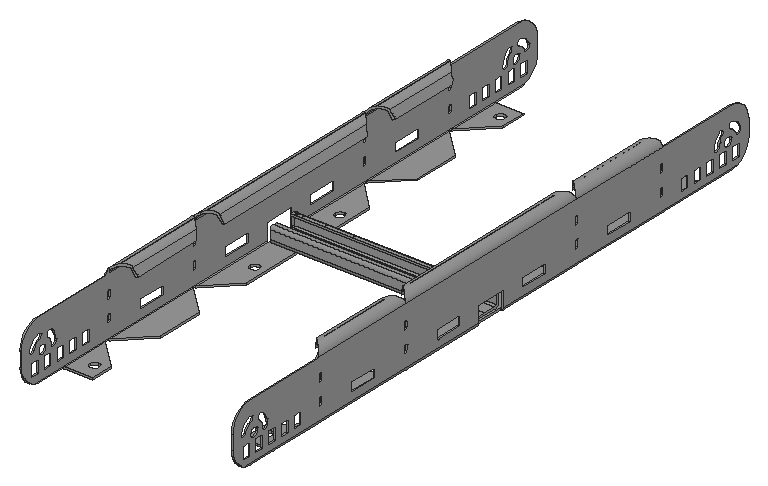
Revit family "Multifunktionsverbinder - LMFV 660 FS", category Generic Models, Revit 2017 (continued)
Dimensions and locks
  locked: cut or joined group 1 (Extrusion 2, Extrusion 7, Extrusion 8, Extrusion 9, Extrusion 11, Extrusion 12, Extrusion 15, Extrusion 27, Extrusion 28, Extrusion 30, Extrusion 31, Extrusion 32, Extrusion 33, Extrusion 34, Extrusion 35, Extrusion 36, Extrusion 38, Extrusion 45, Extrusion 46, Extrusion 47, Extrusion 48, Extrusion 49, Extrusion 50, Extrusion 51, Extrusion 52, Extrusion 53, Extrusion 54, Extrusion 55, Extrusion 56, Extrusion 57, Extrusion 58, Extrusion 59, Extrusion 60, Extrusion 61, Extrusion 62, Extrusion 63, Extrusion 64, Extrusion 65, Extrusion 66, Extrusion 75, Extrusion 76, Extrusion 78, Extrusion 79, Extrusion 80, Extrusion 81, Extrusion 82, Extrusion 83, Extrusion 84, Extrusion 85, Extrusion 86, Extrusion 87, Extrusion 88, Extrusion 89, Extrusion 90, Extrusion 91, Extrusion 92, Extrusion 97, Extrusion 98, Extrusion 99, Extrusion 100, Extrusion 102, Extrusion 105) to cut or joined group 1 at 32.1
  locked: cut or joined group 1 to cut or joined group 1 at 27.641
  locked: cut or joined group 1 to cut or joined group 1 at 23.041
  locked: cut or joined group 1 to cut or joined group 1 at 40.564
  locked: plane 36 to plane 307 at 100
  locked: plane 36 to plane 308 at 238
  locked: plane 309 to cut or joined group 2 (Extrusion 1, Extrusion 4, Extrusion 5, Extrusion 6, Extrusion 7, Extrusion 8, Extrusion 9, Extrusion 11, Extrusion 12, Extrusion 13, Extrusion 14, Extrusion 15, Extrusion 16, Extrusion 17, Extrusion 19, Extrusion 20, Extrusion 21, Extrusion 22, Extrusion 23, Extrusion 24, Extrusion 25, Extrusion 26, Extrusion 27, Extrusion 28, Extrusion 29, Extrusion 30, Extrusion 31, Extrusion 32, Extrusion 33, Extrusion 34, Extrusion 35, Extrusion 36, Extrusion 37, Extrusion 38, Extrusion 39, Extrusion 45, Extrusion 49, Extrusion 50, Extrusion 52, Extrusion 53, Extrusion 54, Extrusion 57, Extrusion 61, Extrusion 62, Extrusion 66, Extrusion 67, Extrusion 69, Extrusion 70, Extrusion 71, Extrusion 72, Extrusion 73, Extrusion 74, Extrusion 93, Extrusion 94, Extrusion 95, Extrusion 96, Extrusion 101) at 10
  locked: plane 309 to Extrusion 93 sketch curve at 0
  locked: Extrusion 93 sketch curve to plane 308 at 4.5
  locked: plane 311 to Extrusion 94 sketch curve at 4.5
  locked: plane 310 to Extrusion 94 sketch curve at 0
  locked: plane 313 to Extrusion 95 sketch curve at 4.5
  locked: plane 312 to Extrusion 95 sketch curve at 0
  locked: plane 315 to Extrusion 96 sketch curve at 4.5
  locked: plane 314 to Extrusion 96 sketch curve at 0
  locked: plane 36 to plane 317 at 238
  locked: cut or joined group 1 to plane 316 at 10
  locked: plane 316 to Extrusion 97 sketch curve at 0
  locked: plane 316 to Extrusion 97 sketch curve at 4.5
  locked: plane 319 to Extrusion 98 sketch curve at 0
  locked: Extrusion 98 sketch curve to plane 318 at 4.5
  locked: plane 321 to Extrusion 99 sketch curve at 0
  locked: Extrusion 99 sketch curve to plane 320 at 4.5
  group 52 to group 53 = 0 mm  (x2)
  group 52 to group 53 = 187.993 mm
  locked: plane 323 to Extrusion 100 sketch curve at 0
  locked: Extrusion 100 sketch curve to plane 322 at 4.5
  group 53 to group 54 = 0 mm  (x2)
  group 53 to group 54 = 100 mm
  locked: plane 324 to cut or joined group 2 at 10.4
  locked: plane 324 to Extrusion 101 sketch curve at 0
  locked: plane 36 to Extrusion 101 sketch curve at 2.6
  locked: cut or joined group 1 to plane 325 at 10.4
  locked: plane 325 to Extrusion 102 sketch curve at 0
  locked: plane 36 to Extrusion 102 sketch curve at 2.6
  locked: Extrusion 103 sketch curve to Extrusion 103 sketch curve at 16.998
  locked: Extrusion 103 sketch curve to Extrusion 103 sketch curve at 12  (x2)
  locked: Extrusion 103 sketch curve to Extrusion 103 sketch curve at 27
  Extrusion 103 sketch curve to cut or joined group 2 = 1.5 mm
  locked: Extrusion 66 sketch curve to Extrusion 66 sketch curve at 29.95
  plane 326 to Extrusion 103 = 10.109 mm
  locked: plane 327 to Extrusion 103 at 12.5
  locked: Extrusion 103 to plane 14 at 5.413
  locked: cut or joined group 1 to Extrusion 103 at 23.087
  Extrusion 103 to plane 328 = 12.5 mm
  locked: plane 3 "Center (Left/Right)" to Extrusion 103 at 5.537
  locked: Extrusion 103 to plane 328 at 12.5
  locked: Extrusion 103 to cut or joined group 2 at 22.963
  locked: cut or joined group 2 to Extrusion 103 at 3
  locked: Extrusion 103 to cut or joined group 1 at 3
  locked: plane 328 to Extrusion 104 sketch curve at 0
  locked: plane 36 to cut or joined group 2 at 2.6
  cut or joined group 1 to plane 36 = 2.6 mm
  locked: Extrusion 105 sketch curve to plane 327 at 2.6
  locked: plane 327 to Extrusion 105 sketch curve at 0
  cut or joined group of Extrusion 103, Extrusion 104, Extrusion 105, Extrusion 106 to plane 329 = 56.5 mm
  locked: Extrusion 106 sketch curve to Extrusion 106 sketch curve at 11  (x3)
  locked: Extrusion 106 sketch curve to plane 329 at 5.5
  cut or joined group of Extrusion 103, Extrusion 104, Extrusion 105, Extrusion 106 to cut or joined group of Extrusion 103, Extrusion 104, Extrusion 105, Extrusion 106 = 16.998 mm
  locked: plane 329 to plane 330 at 20
  locked: Extrusion 106 sketch curve to Extrusion 106 sketch curve at 7  (x2)
  locked: plane 330 to Extrusion 106 sketch curve at 3.5
  locked: plane 330 to plane 331 at 20
  locked: Extrusion 106 sketch curve to plane 331 at 5.5
  locked: plane 331 to plane 332 at 20
  plane 332 to Extrusion 106 sketch curve = 5.5 mm
  locked: plane 332 to plane 333 at 20
  locked: plane 333 to Extrusion 106 sketch curve at 3.5
  locked: Extrusion 107 sketch curve to Extrusion 107 sketch curve at 4
  locked: Extrusion 107 sketch curve to plane 334 at 2
  locked: Extrusion 107 sketch curve to plane 335 at 4.5
  locked: plane 335 to Extrusion 107 sketch curve at 4.5
  locked: Extrusion 108 sketch curve to Extrusion 108 sketch curve at 4
  locked: Extrusion 108 sketch curve to plane 336 at 2
  locked: Extrusion 108 sketch curve to plane 337 at 4.5
  locked: plane 337 to Extrusion 108 sketch curve at 4.5
  group 56 to group 57 = 0 mm  (x2)
  group 56 to group 57 = 20 mm
  locked: Extrusion 109 sketch curve to Extrusion 109 sketch curve at 4
  locked: Extrusion 109 sketch curve to plane 338 at 2
  locked: Extrusion 109 sketch curve to plane 339 at 4.5
  locked: plane 339 to Extrusion 109 sketch curve at 4.5
  locked: Extrusion 110 sketch curve to Extrusion 110 sketch curve at 4
  locked: Extrusion 110 sketch curve to plane 340 at 2
  locked: Extrusion 110 sketch curve to plane 341 at 4.5
  locked: plane 341 to Extrusion 110 sketch curve at 4.5
  group 59 to group 60 = 0 mm  (x2)
  group 59 to group 60 = 20 mm
  locked: Extrusion 111 sketch curve to Extrusion 111 sketch curve at 4
  locked: Extrusion 111 sketch curve to plane 342 at 2
  locked: Extrusion 111 sketch curve to plane 343 at 4.5
  locked: plane 343 to Extrusion 111 sketch curve at 4.5
  locked: Extrusion 112 sketch curve to Extrusion 112 sketch curve at 4
  locked: Extrusion 112 sketch curve to plane 344 at 2
  locked: Extrusion 112 sketch curve to plane 345 at 4.5
  locked: plane 345 to Extrusion 112 sketch curve at 4.5
  group 62 to group 63 = 0 mm  (x2)
  group 62 to group 63 = 20 mm
  group 61 to group 64 = 0 mm  (x2)
  group 64 to group 61 = 100 mm
  locked: plane 14 to cut or joined group of Extrusion 103, Extrusion 104, Extrusion 105, Extrusion 106 at 5.413
  locked: cut or joined group 1 to plane 14 at 28.5
  locked: plane 14 to cut or joined group 1 at 1.5
  locked: Extrusion 113 sketch curve to plane 350 at 12
  locked: Extrusion 113 sketch curve to Extrusion 113 sketch curve at 1.5  (x3)
  locked: plane 348 to Extrusion 113 sketch curve at 12
  locked: plane 348 to Extrusion 113 sketch curve at 11.487
  locked: Extrusion 113 sketch curve to Extrusion 113 sketch curve at 63.985
  locked: Extrusion 113 sketch curve to Extrusion 113 sketch curve at 27
  locked: Extrusion 113 sketch curve to Extrusion 113 sketch curve at 7.218
  locked: Extrusion 113 sketch curve to Extrusion 113 sketch curve at 8.864
  locked: Extrusion 114 sketch curve to Extrusion 114 sketch curve at 16.998
  locked: Extrusion 114 sketch curve to Extrusion 114 sketch curve at 12  (x2)
  locked: Extrusion 114 sketch curve to Extrusion 114 sketch curve at 27
  locked: Extrusion 115 sketch curve to Extrusion 115 sketch curve at 4
  locked: Extrusion 115 sketch curve to plane 351 at 2
  locked: Extrusion 115 sketch curve to plane 352 at 4.5
  locked: plane 352 to Extrusion 115 sketch curve at 4.5
  locked: Extrusion 116 sketch curve to Extrusion 116 sketch curve at 4
  locked: Extrusion 116 sketch curve to plane 353 at 2
  locked: Extrusion 116 sketch curve to plane 354 at 4.5
  locked: plane 354 to Extrusion 116 sketch curve at 4.5
  group 68 to group 69 = 0 mm  (x2)
  group 68 to group 69 = 20 mm
  locked: Extrusion 117 sketch curve to Extrusion 117 sketch curve at 4
  locked: Extrusion 117 sketch curve to plane 355 at 2
  locked: Extrusion 117 sketch curve to plane 356 at 4.5
  locked: plane 356 to Extrusion 117 sketch curve at 4.5
  locked: Extrusion 118 sketch curve to Extrusion 118 sketch curve at 4
  locked: Extrusion 118 sketch curve to plane 357 at 2
  locked: Extrusion 118 sketch curve to plane 358 at 4.5
  locked: plane 358 to Extrusion 118 sketch curve at 4.5
  group 71 to group 72 = 0 mm  (x2)
  group 71 to group 72 = 20 mm
  group 70 to group 73 = 0 mm  (x2)
  group 73 to group 70 = 100 mm
  locked: cut or joined group 1 to plane 359 at 27.913
  radius of Extrusion 1 sketch curve = 6.098 mm
  radius of Extrusion 2 sketch curve = 2.5 mm
  radius of Extrusion 2 sketch curve = 1 mm
  radius of Extrusion 2 sketch curve = 7.712 mm
  radius of Extrusion 2 sketch curve = 6.061 mm
  radius of Extrusion 3 sketch curve = 2.5 mm
  radius of Extrusion 3 sketch curve = 1 mm
  radius of Extrusion 3 sketch curve = 7.712 mm
  radius of Extrusion 3 sketch curve = 6.061 mm
  radius of Extrusion 10 sketch curve = 2.5 mm
  radius of Extrusion 10 sketch curve = 1 mm
  radius of Extrusion 10 sketch curve = 7.712 mm
  radius of Extrusion 10 sketch curve = 6.061 mm
  radius of Extrusion 18 sketch curve = 2.5 mm
  radius of Extrusion 18 sketch curve = 1 mm
  radius of Extrusion 18 sketch curve = 7.712 mm
  radius of Extrusion 18 sketch curve = 6.061 mm
  radius of Extrusion 40 sketch curve = 2.5 mm
  radius of Extrusion 40 sketch curve = 1 mm
  radius of Extrusion 40 sketch curve = 7.712 mm
  radius of Extrusion 40 sketch curve = 6.061 mm
  radius of Extrusion 41 sketch curve = 6.098 mm
  radius of Extrusion 42 sketch curve = 2.5 mm
  radius of Extrusion 42 sketch curve = 1 mm
  radius of Extrusion 42 sketch curve = 7.712 mm
  radius of Extrusion 42 sketch curve = 6.061 mm
  radius of Extrusion 43 sketch curve = 2.5 mm
  radius of Extrusion 43 sketch curve = 1 mm
  radius of Extrusion 43 sketch curve = 7.712 mm
  radius of Extrusion 43 sketch curve = 6.061 mm
  radius of Extrusion 44 sketch curve = 2.5 mm
  radius of Extrusion 44 sketch curve = 1 mm
  radius of Extrusion 44 sketch curve = 7.712 mm
  radius of Extrusion 44 sketch curve = 6.061 mm
  radius of Extrusion 113 sketch curve = 2.5 mm
  radius of Extrusion 113 sketch curve = 1 mm
  radius of Extrusion 113 sketch curve = 7.712 mm
  radius of Extrusion 113 sketch curve = 6.061 mm
  locked: Extrusion 1 sketch curve to Extrusion 1 sketch curve (angle 20.00°)
  locked: Extrusion 2 sketch curve to Extrusion 2 sketch curve (angle 20.00°)
  locked: Extrusion 3 sketch curve to Extrusion 3 sketch curve (angle 20.00°)
  locked: Extrusion 10 sketch curve to Extrusion 10 sketch curve (angle 20.00°)
  locked: Extrusion 18 sketch curve to Extrusion 18 sketch curve (angle 20.00°)
  locked: Extrusion 19 sketch curve to Extrusion 19 sketch curve (angle 90.00°)
  angle Extrusion 20 sketch curve to Extrusion 20 sketch curve = 90.00°
  locked: cut or joined group 2 to Extrusion 21 sketch curve (angle 90.00°)
  locked: cut or joined group 2 to cut or joined group 2 (angle 90.00°)
  locked: plane 63 to plane 61 (angle 50.00°)
  locked: plane 78 to plane 80 (angle 50.00°)
  locked: Extrusion 40 sketch curve to Extrusion 40 sketch curve (angle 20.00°)
  locked: Extrusion 41 sketch curve to Extrusion 41 sketch curve (angle 20.00°)
  locked: Extrusion 42 sketch curve to Extrusion 42 sketch curve (angle 20.00°)
  locked: Extrusion 43 sketch curve to Extrusion 43 sketch curve (angle 20.00°)
  locked: Extrusion 44 sketch curve to Extrusion 44 sketch curve (angle 20.00°)
  locked: Extrusion 46 sketch curve to plane 159 (angle 45.00°)
  locked: Extrusion 113 sketch curve to Extrusion 113 sketch curve (angle 20.00°)
  aligned and locked: level to plane 2
  aligned and locked: plane 8 to Extrusion 1
  aligned and locked: Extrusion 1 to plane 3 "Center (Left/Right)"
  aligned and locked: Extrusion 2 to level
  aligned and locked: Extrusion 2 to Extrusion 1
  aligned and locked: plane 1 "Center (Front/Back)" to Extrusion 2
  aligned and locked: plane 14 to Extrusion 2
  aligned and locked: Extrusion 6 to Extrusion 5
  aligned and locked: Extrusion 4 to Extrusion 6
  aligned and locked: Extrusion 7 sketch curve to level
  aligned and locked: Extrusion 7 sketch curve to plane 28
  aligned and locked: plane 1 "Center (Front/Back)" to Extrusion 7 sketch curve
  aligned and locked: plane 21 to Extrusion 8 sketch curve
  aligned and locked: Extrusion 8 sketch curve to plane 1 "Center (Front/Back)"
  aligned and locked: Extrusion 8 to plane 3 "Center (Left/Right)"
  aligned and locked: Extrusion 8 to Extrusion 4
  aligned and locked: Extrusion 9 to Extrusion 5
  aligned and locked: Extrusion 11 to Extrusion 1  (x2)
  aligned and locked: Extrusion 14 to Extrusion 4
  aligned and locked: Extrusion 14 to plane 21
  aligned and locked: Extrusion 12 to Extrusion 1
  aligned and locked: Extrusion 4 to Extrusion 15
  aligned and locked: Extrusion 5 to Extrusion 17
  aligned and locked: Extrusion 4 to Extrusion 20
  aligned and locked: Extrusion 16 to Extrusion 20
  aligned and locked: Extrusion 1 to Extrusion 20
  aligned and locked: Extrusion 1 to Extrusion 21
  aligned and locked: Extrusion 21 to level
  aligned and locked: Extrusion 1 to Extrusion 22
  aligned and locked: Extrusion 22 to level
  aligned and locked: Extrusion 1 to Extrusion 23
  aligned and locked: Extrusion 23 to level
  aligned and locked: Extrusion 24 to Extrusion 1
  aligned and locked: Extrusion 24 to level
  aligned and locked: Extrusion 25 to plane 3 "Center (Left/Right)"
  aligned and locked: Extrusion 1 to Extrusion 25
  aligned and locked: Extrusion 1 to Extrusion 34
  aligned and locked: Extrusion 1 to Extrusion 33
  aligned and locked: Extrusion 1 to Extrusion 35
  aligned and locked: Extrusion 1 to Extrusion 30
  aligned and locked: Extrusion 1 to Extrusion 31
  aligned and locked: Extrusion 1 to Extrusion 27
  aligned and locked: Extrusion 1 to Extrusion 26
  aligned and locked: Extrusion 1 to Extrusion 32
  aligned and locked: Extrusion 1 to Extrusion 28
  aligned and locked: Extrusion 36 to plane 3 "Center (Left/Right)"
  aligned and locked: plane 100 to Extrusion 36
  aligned and locked: Extrusion 1 to Extrusion 38
  aligned and locked: Extrusion 9 to Extrusion 4
  aligned and locked: Extrusion 1 to Extrusion 19
  aligned and locked: Extrusion 5 to Extrusion 4
  aligned and locked: Extrusion 7 to Extrusion 12
  aligned and locked: Extrusion 1 to Extrusion 36
  aligned and locked: Extrusion 19 to Extrusion 4
  aligned and locked: plane 14 to Extrusion 45
  aligned and locked: Extrusion 47 to level
  aligned and locked: Extrusion 47 to Extrusion 2
  aligned and locked: plane 1 "Center (Front/Back)" to Extrusion 48 sketch curve
  aligned and locked: Extrusion 48 sketch curve to plane 21
  aligned and locked: Extrusion 48 to Extrusion 2
  aligned and locked: Extrusion 2 to Extrusion 48
  aligned and locked: plane 14 to Extrusion 49
  aligned and locked: plane 8 to Extrusion 50 sketch curve
  aligned and locked: plane 14 to Extrusion 50
  aligned and locked: Extrusion 51 to Extrusion 46
  aligned and locked: Extrusion 46 to Extrusion 51
  aligned and locked: plane 21 to Extrusion 52 sketch curve
  aligned and locked: plane 14 to Extrusion 52
  aligned and locked: plane 14 to Extrusion 53
  aligned and locked: plane 14 to Extrusion 57
  aligned and locked: plane 14 to Extrusion 61
  aligned and locked: plane 14 to Extrusion 66
  aligned and locked: Extrusion 2 to Extrusion 75
  aligned and locked: Extrusion 2 to Extrusion 84  (x2)
  aligned and locked: Extrusion 2 to Extrusion 85
  aligned and locked: Extrusion 88 to level
  aligned and locked: Extrusion 88 to Extrusion 2
  aligned and locked: Extrusion 89 to level
  aligned and locked: Extrusion 89 to Extrusion 2
  aligned and locked: Extrusion 90 to level
  aligned and locked: Extrusion 90 to Extrusion 2
  aligned and locked: Extrusion 91 to level
  aligned and locked: Extrusion 91 to Extrusion 2
  aligned and locked: Extrusion 46 to Extrusion 92
  aligned and locked: Extrusion 92 to Extrusion 46
  aligned and locked: Extrusion 93 to level
  aligned and locked: Extrusion 94 to level
  aligned and locked: Extrusion 1 to Extrusion 94  (x2)
  aligned and locked: Extrusion 93 to Extrusion 11
  aligned and locked: Extrusion 1 to Extrusion 93
  aligned and locked: Extrusion 1 to Extrusion 96
  aligned and locked: Extrusion 1 to Extrusion 95
  aligned and locked: Extrusion 97 to level
  aligned and locked: Extrusion 2 to Extrusion 97
  aligned and locked: Extrusion 98 to level
  aligned and locked: Extrusion 2 to Extrusion 98
  aligned and locked: Extrusion 96 to level
  aligned and locked: Extrusion 101 to level
  aligned and locked: Extrusion 1 to Extrusion 101
  aligned and locked: Extrusion 2 to Extrusion 102
  aligned and locked: Extrusion 36 sketch curve to level
  aligned and locked: Extrusion 36 sketch curve to Extrusion 36 sketch curve  (x2)
  aligned and locked: Extrusion 66 sketch curve to plane 203
  aligned and locked: Extrusion 104 to cut or joined group 2
  aligned and locked: Extrusion 105 to Extrusion 2
  aligned and locked: cut or joined group of Extrusion 103, Extrusion 104, Extrusion 105, Extrusion 106 to cut or joined group of Extrusion 103, Extrusion 104, Extrusion 105, Extrusion 106
  aligned and locked: cut or joined group of Extrusion 103, Extrusion 104, Extrusion 105, Extrusion 106 to Extrusion 106 sketch curve  (x2)
  aligned and locked: Extrusion 106 sketch curve to Extrusion 106 sketch curve  (x8)
  aligned and locked: cut or joined group 2 to Extrusion 106
  aligned and locked: plane 14 to cut or joined group 1
Automatic sketch dimensions
  Extrusion 3 sketch curve to Extrusion 3 sketch curve = 9.244 mm
  Extrusion 10 sketch curve to Extrusion 10 sketch curve = 9.244 mm
  Extrusion 18 sketch curve to Extrusion 18 sketch curve = 9.244 mm
  Extrusion 1 sketch curve to Extrusion 1 sketch curve = 0.058 mm
  Extrusion 1 sketch curve to Extrusion 1 sketch curve = 1.983 mm
  Extrusion 1 sketch curve to plane 7 = 0.75 mm
  Extrusion 40 sketch curve to Extrusion 40 sketch curve = 9.244 mm
  Extrusion 1 sketch curve to Extrusion 1 sketch curve = 0.7 mm
  Extrusion 1 sketch curve to Extrusion 1 sketch curve = 0.3 mm
  plane 5 to Extrusion 1 sketch curve = 4.416 mm
  Extrusion 1 sketch curve to Extrusion 1 sketch curve = 6.098 mm
  Extrusion 1 sketch curve to plane 5 = 49.5 mm
  Extrusion 1 sketch curve to Extrusion 1 sketch curve = 0.591 mm
  Extrusion 1 sketch curve to Extrusion 1 sketch curve = 0.084 mm
  Extrusion 41 sketch curve to Extrusion 41 sketch curve = 0.058 mm
  Extrusion 41 sketch curve to Extrusion 41 sketch curve = 1.983 mm
  Extrusion 41 sketch curve to plane 139 = 0.75 mm
  Extrusion 41 sketch curve to Extrusion 41 sketch curve = 0.7 mm
  Extrusion 41 sketch curve to Extrusion 41 sketch curve = 0.3 mm
  plane 137 to Extrusion 41 sketch curve = 4.416 mm
  Extrusion 41 sketch curve to Extrusion 41 sketch curve = 6.098 mm
  Extrusion 41 sketch curve to plane 137 = 49.5 mm
  Extrusion 41 sketch curve to Extrusion 41 sketch curve = 0.591 mm
  Extrusion 41 sketch curve to Extrusion 41 sketch curve = 0.084 mm
  Extrusion 42 sketch curve to Extrusion 42 sketch curve = 9.244 mm
  Extrusion 43 sketch curve to Extrusion 43 sketch curve = 9.244 mm
  Extrusion 44 sketch curve to Extrusion 44 sketch curve = 9.244 mm
  Extrusion 32 sketch curve to plane 78 = 0 mm
  Extrusion 39 sketch curve to Extrusion 39 sketch curve = 0 mm  (x2)
  plane 128 to Extrusion 39 sketch curve = 0 mm
  Extrusion 39 sketch curve to plane 130 = 0 mm  (x2)
  Extrusion 39 sketch curve to plane 128 = 0 mm
  Extrusion 39 sketch curve to plane 129 = 0 mm  (x2)
  Extrusion 39 sketch curve to plane 121 = 0 mm
  Extrusion 39 sketch curve to plane 127 = 0 mm  (x2)
  Extrusion 39 sketch curve to plane 126 = 0 mm
  plane 125 to Extrusion 39 sketch curve = 0 mm  (x2)
  Extrusion 39 sketch curve to plane 116 = 0 mm
  Extrusion 39 sketch curve to plane 122 = 0 mm
  Extrusion 39 sketch curve to plane 124 = 0 mm  (x2)
  plane 116 to Extrusion 39 sketch curve = 0.98 mm
  Extrusion 39 sketch curve to plane 117 = 2.289 mm
  Extrusion 39 sketch curve to plane 116 = 0.756 mm
  plane 117 to Extrusion 39 sketch curve = 1.613 mm
  Extrusion 39 sketch curve to Extrusion 39 sketch curve = 3.5 mm
  Extrusion 61 sketch curve to plane 187 = 0 mm  (x2)
  Extrusion 86 sketch curve to plane 298 = 0 mm
  Extrusion 86 sketch curve to plane 299 = 0 mm
  Extrusion 4 sketch curve to plane 25 = 0 mm
  plane 21 to Extrusion 4 sketch curve = 0.494 mm
  plane 1 "Center (Front/Back)" to Extrusion 5 sketch curve = 0 mm
  plane 100 to Extrusion 5 sketch curve = 11.636 mm
  Extrusion 5 sketch curve to Extrusion 5 sketch curve = 3.728 mm
  Extrusion 5 sketch curve to plane 1 "Center (Front/Back)" = 102 mm
  Extrusion 6 sketch curve to plane 100 = 1 mm
  plane 100 to Extrusion 6 sketch curve = 14.487 mm
  Extrusion 6 sketch curve to plane 1 "Center (Front/Back)" = 102 mm
  Extrusion 6 sketch curve to Extrusion 6 sketch curve = 15.487 mm
  Extrusion 7 sketch curve to plane 27 = 0 mm
  Extrusion 8 sketch curve to plane 1 "Center (Front/Back)" = 98.846 mm
  plane 21 to Extrusion 8 sketch curve = 5.448 mm
  Extrusion 8 sketch curve to Extrusion 8 sketch curve = 3.146 mm
  Extrusion 9 sketch curve to plane 21 = 0 mm
  Extrusion 9 sketch curve to plane 1 "Center (Front/Back)" = 0 mm
  plane 1 "Center (Front/Back)" to Extrusion 9 sketch curve = 1.869 mm
  Extrusion 9 sketch curve to plane 1 "Center (Front/Back)" = 20 mm
  Extrusion 9 sketch curve to Extrusion 9 sketch curve = 0 mm
  Extrusion 9 sketch curve to Extrusion 9 sketch curve = 14 mm
  Extrusion 11 sketch curve to plane 8 = 0 mm
  Extrusion 11 sketch curve to level = 0 mm
  Extrusion 11 sketch curve to plane 35 = 0 mm
  Extrusion 12 sketch curve to plane 8 = 0 mm
  level to Extrusion 12 sketch curve = 2.5 mm
  Extrusion 12 sketch curve to plane 8 = 13.755 mm
  Extrusion 12 sketch curve to Extrusion 12 sketch curve = 6.245 mm
  Extrusion 12 sketch curve to Extrusion 12 sketch curve = 1 mm
  Extrusion 13 sketch curve to plane 21 = 0 mm
  Extrusion 13 sketch curve to plane 8 = 0 mm
  Extrusion 13 sketch curve to plane 8 = 1.869 mm
  plane 8 to Extrusion 13 sketch curve = 20 mm
  Extrusion 13 sketch curve to Extrusion 13 sketch curve = 0 mm
  Extrusion 13 sketch curve to Extrusion 13 sketch curve = 14 mm
  Extrusion 14 sketch curve to plane 3 "Center (Left/Right)" = 0 mm
  Extrusion 14 sketch curve to plane 39 = 0 mm
  plane 8 to Extrusion 14 sketch curve = 1.013 mm
  plane 100 to Extrusion 14 sketch curve = 14.487 mm
  Extrusion 14 sketch curve to plane 39 = 16.987 mm
  Extrusion 15 sketch curve to plane 21 = 0 mm
  plane 34 to Extrusion 15 sketch curve = 67.392 mm
  Extrusion 15 sketch curve to plane 8 = 0.066 mm
  Extrusion 15 sketch curve to Extrusion 15 sketch curve = 3.5 mm
  plane 100 to Extrusion 16 sketch curve = 1 mm
  Extrusion 16 sketch curve to plane 100 = 14.487 mm
  Extrusion 16 sketch curve to plane 34 = 53 mm
  Extrusion 16 sketch curve to Extrusion 16 sketch curve = 15.487 mm
  plane 100 to Extrusion 17 sketch curve = 11.805 mm
  Extrusion 17 sketch curve to Extrusion 17 sketch curve = 3.536 mm  (x2)
  plane 34 to Extrusion 17 sketch curve = 70.84 mm
  Extrusion 17 sketch curve to Extrusion 17 sketch curve = 0.346 mm
  Extrusion 17 sketch curve to Extrusion 17 sketch curve = 3.881 mm
  Extrusion 19 sketch curve to plane 3 "Center (Left/Right)" = 0 mm
  Extrusion 19 sketch curve to plane 46 = 0 mm
  plane 100 to Extrusion 19 sketch curve = 26 mm
  Extrusion 19 sketch curve to plane 46 = 28.5 mm
  Extrusion 20 sketch curve to plane 3 "Center (Left/Right)" = 0 mm
  Extrusion 20 sketch curve to plane 48 = 0 mm
  plane 100 to Extrusion 20 sketch curve = 26 mm
  Extrusion 20 sketch curve to plane 48 = 28.5 mm
  Extrusion 21 sketch curve to plane 3 "Center (Left/Right)" = 0 mm
  plane 100 to Extrusion 21 sketch curve = 26 mm
  plane 34 to Extrusion 21 sketch curve = 81.5 mm
  Extrusion 22 sketch curve to plane 3 "Center (Left/Right)" = 0 mm
  plane 100 to Extrusion 22 sketch curve = 26 mm
  Extrusion 22 sketch curve to plane 36 = 71.5 mm
  Extrusion 22 sketch curve to Extrusion 22 sketch curve = 28.5 mm
  Extrusion 23 sketch curve to plane 100 = 1.086 mm  (x2)
  plane 100 to Extrusion 23 sketch curve = 0.328 mm
  plane 100 to Extrusion 23 sketch curve = 26 mm
  plane 36 to Extrusion 23 sketch curve = 128.5 mm
  Extrusion 23 sketch curve to Extrusion 23 sketch curve = 27.086 mm
  plane 3 "Center (Left/Right)" to Extrusion 24 sketch curve = 0.587 mm  (x2)
  Extrusion 24 sketch curve to plane 100 = 0.498 mm
  plane 100 to Extrusion 24 sketch curve = 26 mm
  Extrusion 24 sketch curve to plane 1 "Center (Front/Back)" = 70.346 mm
  Extrusion 24 sketch curve to Extrusion 24 sketch curve = 27.913 mm
  Extrusion 28 sketch curve to plane 61 = 0 mm
  Extrusion 38 sketch curve to Extrusion 38 sketch curve = 0 mm  (x2)
  Extrusion 38 sketch curve to plane 113 = 0 mm
  Extrusion 38 sketch curve to plane 115 = 0 mm  (x2)
  Extrusion 38 sketch curve to plane 114 = 0 mm
  Extrusion 38 sketch curve to plane 106 = 0 mm
  Extrusion 38 sketch curve to plane 112 = 0 mm  (x2)
  plane 110 to Extrusion 38 sketch curve = 0 mm  (x2)
  plane 101 to Extrusion 38 sketch curve = 0 mm
  plane 109 to Extrusion 38 sketch curve = 0 mm  (x2)
  Extrusion 38 sketch curve to plane 101 = 0.98 mm
  Extrusion 38 sketch curve to Extrusion 38 sketch curve = 2.289 mm
  plane 101 to Extrusion 38 sketch curve = 0.756 mm
  Extrusion 45 sketch curve to plane 1 "Center (Front/Back)" = 0 mm
  Extrusion 45 sketch curve to level = 0 mm
  Extrusion 45 sketch curve to plane 155 = 0 mm
  Extrusion 45 sketch curve to plane 157 = 1.947 mm
  plane 1 "Center (Front/Back)" to Extrusion 46 sketch curve = 0 mm
  Extrusion 46 sketch curve to plane 14 = 27.913 mm
  Extrusion 46 sketch curve to plane 14 = 1.5 mm
  Extrusion 46 sketch curve to plane 159 = 29.142 mm
  plane 159 to Extrusion 46 sketch curve = 2.331 mm
  Extrusion 47 sketch curve to plane 14 = 28.5 mm
  Extrusion 47 sketch curve to plane 14 = 2.436 mm
  Extrusion 47 sketch curve to plane 14 = 1.022 mm  (x2)
  Extrusion 47 sketch curve to plane 1 "Center (Front/Back)" = 71.5 mm
  Extrusion 47 sketch curve to Extrusion 47 sketch curve = 27.478 mm
  Extrusion 48 sketch curve to plane 1 "Center (Front/Back)" = 98.915 mm
  plane 21 to Extrusion 48 sketch curve = 5.343 mm
  Extrusion 48 sketch curve to Extrusion 48 sketch curve = 3.085 mm
  level to Extrusion 48 sketch curve = 20.658 mm
  Extrusion 49 sketch curve to plane 21 = 0 mm
  Extrusion 49 sketch curve to plane 1 "Center (Front/Back)" = 0 mm
  plane 1 "Center (Front/Back)" to Extrusion 49 sketch curve = 2.38 mm
  Extrusion 49 sketch curve to plane 1 "Center (Front/Back)" = 20 mm
  Extrusion 49 sketch curve to Extrusion 49 sketch curve = 0 mm
  Extrusion 49 sketch curve to Extrusion 49 sketch curve = 14 mm
  Extrusion 50 sketch curve to level = 0 mm
  Extrusion 50 sketch curve to plane 34 = 0 mm
  plane 161 to Extrusion 50 sketch curve = 0 mm
  Extrusion 51 sketch curve to plane 8 = 0 mm
  Extrusion 51 sketch curve to plane 14 = 16.956 mm
  Extrusion 51 sketch curve to plane 14 = 1.5 mm
  Extrusion 51 sketch curve to plane 162 = 1.5 mm
  Extrusion 51 sketch curve to plane 162 = 16.956 mm
  Extrusion 52 sketch curve to plane 8 = 0 mm
  plane 21 to Extrusion 52 sketch curve = 5.343 mm
  plane 34 to Extrusion 52 sketch curve = 52.5 mm
  Extrusion 53 sketch curve to plane 21 = 0 mm
  Extrusion 53 sketch curve to plane 8 = 0 mm
  Extrusion 53 sketch curve to plane 8 = 20 mm
  Extrusion 53 sketch curve to Extrusion 53 sketch curve = 0 mm
  level to Extrusion 53 sketch curve = 1.5 mm
  plane 8 to Extrusion 53 sketch curve = 3.608 mm
  Extrusion 84 sketch curve to plane 289 = 0 mm
  Extrusion 84 sketch curve to plane 290 = 0 mm
  Extrusion 85 sketch curve to Extrusion 85 sketch curve = 0 mm  (x7)
  plane 294 to Extrusion 85 sketch curve = 0 mm  (x2)
  Extrusion 85 sketch curve to plane 295 = 0 mm
  plane 295 to Extrusion 85 sketch curve = 0 mm
  Extrusion 85 sketch curve to plane 292 = 0 mm
  Extrusion 85 sketch curve to plane 292 = 0.98 mm
  Extrusion 85 sketch curve to plane 291 = 2.135 mm
  Extrusion 85 sketch curve to plane 291 = 4.305 mm
  plane 292 to Extrusion 85 sketch curve = 4.459 mm
  Extrusion 85 sketch curve to Extrusion 85 sketch curve = 0.004 mm
  plane 291 to Extrusion 85 sketch curve = 8.517 mm
  Extrusion 85 sketch curve to Extrusion 85 sketch curve = 4.744 mm
  plane 292 to Extrusion 85 sketch curve = 10.047 mm
  Extrusion 85 sketch curve to plane 291 = 3.108 mm
  Extrusion 85 sketch curve to Extrusion 85 sketch curve = 1.82 mm
  Extrusion 85 sketch curve to Extrusion 85 sketch curve = 3.5 mm
  Extrusion 87 sketch curve to Extrusion 87 sketch curve = 0 mm  (x7)
  plane 303 to Extrusion 87 sketch curve = 0 mm  (x2)
  plane 304 to Extrusion 87 sketch curve = 0 mm  (x2)
  Extrusion 87 sketch curve to plane 301 = 0 mm
  plane 301 to Extrusion 87 sketch curve = 0.98 mm
  plane 300 to Extrusion 87 sketch curve = 2.135 mm
  plane 300 to Extrusion 87 sketch curve = 4.305 mm
  Extrusion 87 sketch curve to plane 301 = 4.459 mm
  Extrusion 87 sketch curve to Extrusion 87 sketch curve = 0.004 mm
  Extrusion 87 sketch curve to plane 300 = 8.517 mm
  Extrusion 87 sketch curve to Extrusion 87 sketch curve = 4.744 mm
  Extrusion 87 sketch curve to plane 301 = 10.047 mm
  plane 300 to Extrusion 87 sketch curve = 3.108 mm
  Extrusion 87 sketch curve to Extrusion 87 sketch curve = 1.82 mm
  Extrusion 87 sketch curve to Extrusion 87 sketch curve = 3.5 mm
  Extrusion 88 sketch curve to plane 14 = 0 mm
  plane 34 to Extrusion 88 sketch curve = 51 mm
  Extrusion 88 sketch curve to plane 14 = 28.5 mm
  Extrusion 88 sketch curve to Extrusion 88 sketch curve = 28.5 mm
  Extrusion 89 sketch curve to plane 14 = 0 mm
  Extrusion 89 sketch curve to plane 14 = 28.5 mm
  Extrusion 90 sketch curve to plane 14 = 0 mm
  Extrusion 90 sketch curve to plane 307 = 0 mm
  Extrusion 90 sketch curve to plane 14 = 16.956 mm
  Extrusion 90 sketch curve to plane 307 = 16.956 mm
  Extrusion 91 sketch curve to plane 14 = 0 mm
  Extrusion 91 sketch curve to Extrusion 91 sketch curve = 28.5 mm
  plane 36 to Extrusion 89 sketch curve = 128.5 mm
  Extrusion 89 sketch curve to Extrusion 89 sketch curve = 28.5 mm
  Extrusion 91 sketch curve to plane 14 = 28.5 mm
  Extrusion 91 sketch curve to plane 36 = 71.5 mm
  Extrusion 92 sketch curve to plane 14 = 17.913 mm
  Extrusion 92 sketch curve to plane 14 = 0 mm  (x2)
  Extrusion 92 sketch curve to plane 14 = 16.956 mm
  plane 36 to Extrusion 92 sketch curve = 117.913 mm
  Extrusion 92 sketch curve to Extrusion 92 sketch curve = 17.913 mm
  Extrusion 92 sketch curve to plane 36 = 83.044 mm
  Extrusion 92 sketch curve to Extrusion 92 sketch curve = 16.956 mm
  Extrusion 93 sketch curve to plane 308 = 0 mm
  Extrusion 94 sketch curve to plane 311 = 0 mm
  Extrusion 95 sketch curve to plane 313 = 0 mm
  Extrusion 96 sketch curve to plane 315 = 0 mm
  plane 317 to Extrusion 97 sketch curve = 0.17 mm
  Extrusion 98 sketch curve to plane 318 = 0 mm
  Extrusion 99 sketch curve to plane 320 = 0 mm
  Extrusion 100 sketch curve to plane 322 = 0 mm
  plane 36 to Extrusion 101 sketch curve = 0 mm
  plane 36 to Extrusion 102 sketch curve = 0 mm
  Extrusion 36 sketch curve to plane 36 = 14.95 mm
  plane 36 to Extrusion 36 sketch curve = 15.05 mm
  Extrusion 103 sketch curve to Extrusion 103 sketch curve = 0 mm  (x18)
  Extrusion 103 sketch curve to Extrusion 103 sketch curve = 1.5 mm  (x5)
  Extrusion 103 sketch curve to Extrusion 103 sketch curve = 3.53 mm
  Extrusion 66 sketch curve to level = 0 mm
  plane 36 to Extrusion 66 sketch curve = 15 mm
  plane 36 to Extrusion 104 sketch curve = 0 mm
  plane 36 to Extrusion 105 sketch curve = 0 mm
  Extrusion 2 sketch curve to Extrusion 2 sketch curve = 9.244 mm
  Extrusion 114 sketch curve to Extrusion 114 sketch curve = 0 mm  (x19)
  Extrusion 114 sketch curve to Extrusion 114 sketch curve = 1.5 mm  (x5)
  Extrusion 114 sketch curve to Extrusion 114 sketch curve = 3.53 mm
  Extrusion 113 sketch curve to Extrusion 113 sketch curve = 9.244 mm
  Extrusion 103 sketch curve to plane 36 = 0 mm  (x2)
  plane 36 to Extrusion 103 sketch curve = 8.52 mm
  level to Extrusion 103 sketch curve = 1.5 mm
  Extrusion 114 sketch curve to Extrusion 114 sketch curve = 11.95 mm
  radius of Extrusion 86 sketch curve = 4.5 mm
  radius of Extrusion 84 sketch curve = 4.5 mm
  radius of Extrusion 104 sketch curve = 2.75 mm
